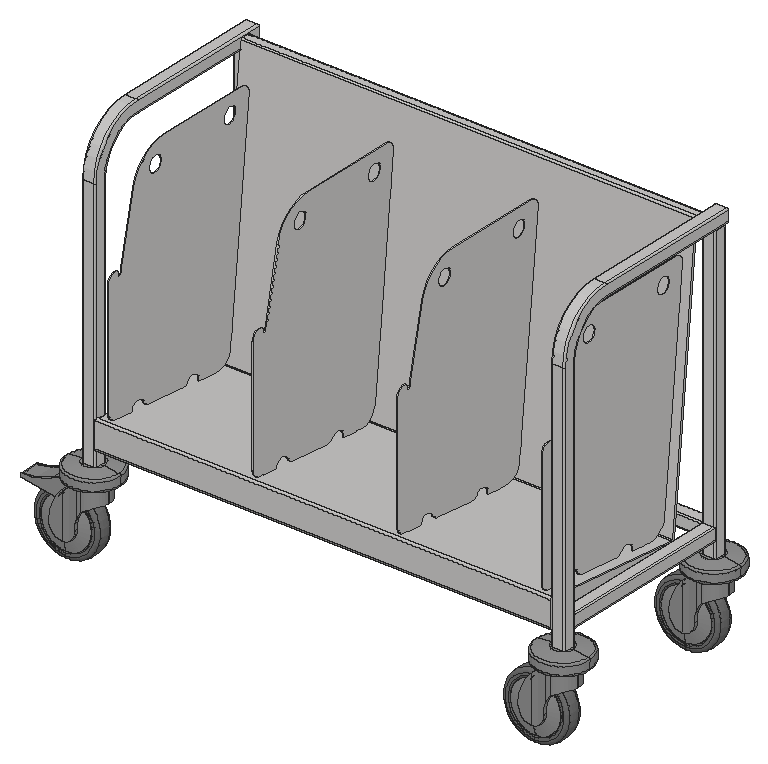
Revit family "QF_BPRO_TWH 1N_575181", category Sonderausstattung, Revit 2018
Family settings
  Bemaßung runder Anschluss = Durchmesser verwenden
  Teiletyp = Normal
  Arbeitsebenenbasiert = Nein
  Immer vertikal = Ja
  Beim Laden mit Abzugskörper schneiden = Nein
  Gemeinsam genutzt = Nein
  Raumberechnungspunkt = Nein
Parameters (values of type "TWH 1N")
  Zubehör = yes
  Warnhinweise = ""
  URL = "https://www.bpro-solutions.com/"
  Typenkommentare = "Tellerwagen"
  Tiefe = 456 mm
  Modell = "TWH 1N"
  Material Stoßschutz = QF_Plastic-Dark_Grey-Matt
  Material Rollen = QF_Plastic-Dark_Grey-Matt
  Material = QF_Metal-Stainless-Steel_general
  Länge Gerätebreite = 984 mm
  Kosten = 697.6
  Internetadresse für Ersatzteilliste = ""
  Internetadresse Gerätehersteller = "https://www.bpro-solutions.com/"
  ID [instance] = ""
  Höhe = 750 mm
  Hersteller = "B.PRO GmbH"
  Großküchengerätezuordnung = yes
  Gerätegewicht Netto = 10.00 kg
  Freiraum [instance] = no
  CE Kennzeichnung = yes
  Beschreibung durch Hersteller analog Leistungsverzeichnislangtext = "Abmessungen\n\nLänge:\t\t\t984 mm\nBreite:\t\t456 mm  \nHöhe:\t\t750 mm\n\n\nAusführung\n\nDer Tellerwagen ist komplett aus CNS 18/10 hergestellt. Das Rahmengestell besteht aus stabilem Vierkantrohr 25x25 mm. Dazwischen befindet sich die verschweißte Rückwand und das schräg zur Rückwand geneigte Abstellbord.\nAnhand der 4 einhängbaren Trennbleche lassen sich mithilfe des Lochrasters im Boden und der Rückwand die jeweiligen Tellergrößen flexibel einstellen.\nDer Wagen ist einseitig beschickbar und passend für Teller mit einem Durchmesser bis max. 260 mm. \n\nDer Tellerwagen ist fahrbar mittels rostfreien Kunststoffrollen gemäß DIN 18867-8 (4 Lenkrollen, davon 2 mit Feststeller, Rollendurchmesser 125 mm). An allen vier Ecken befinden sich runde Wandabweiser.\n\n\nTechnische Daten\n\nWerkstoff:\tCNS 18/10\t\nGesamttragfähigkeit:\t120 kg\t\nKapazität:\t150 Teller, passend für \tTeller max. 260 mm \n\t\n\nBesonderheit\n\n•\tInkl. 4 einhängbarenTrennblechen zur flexiblen Einstellung der gewünschten Tellergröße\n\n\nFabrikat\n\nHersteller:\t\t\tB.PRO\nModell:\tTWH 1N\nBest.Nr.\t575 181"
  Description = "TWH 1N\nTellerwagen für 1-seitige Beschickung,\nniedrige Ausführung,\nkomplett aus rostfreiem Edelstahl,\ninkl. 4 einhängbaren Trennblechen zur\nflexiblen Einstellung auf die jeweilige\nTellergröße,\nBordmaß: 858 x 288 mm\nEntnahmehöhe unten: 255 mm\nFassungsvermögen: bis zu 150 Teller,\nø 26 cm"
  Artikel Nummer = "575181"
Reference planes
  plane 1 "Mitte (Vorne/hinten)": y = 0
  plane 2: z = 0
  plane 3 "Mitte (Links/rechts)": x = 0
  plane 4 "v": x = -441.5
  plane 5 "h": x = 441.5
  plane 6 "l": y = -177.5
  plane 7 "r": y = 177.5
  plane 8: x = 454
  plane 9: x = 429
  plane 10: y = 190
  plane 11: y = 165
Forms (mm)
  Extrusion 1, solid, visible <- "Freiraum"
    sketch origin (-330, 330.009, 0) x (1, 0, 0) y (0, 1, 0)
      loop
        line (-162.019, -101.991) -> (-162.019, -558.028) -> (822.019, -558.028) -> (822.019, -101.991) -> (-162.019, -101.991)
    from 0 to 750
  Extrusion 2, solid, material "QF_Metal-Stainless-Steel_general" <- "Material"
    sketch origin (0, 0, 0) x (1, 0, 0) y (0, 0, 1)
      loop
        arc (-451, 226) -> (-453.121, 225.121) -> (-454, 223) r 3
        line (-454, 223) -> (-454, 204)
        arc (-454, 204) -> (-453.121, 201.879) -> (-451, 201) r 3
        line (-451, 201) -> (-432, 201)
        arc (-432, 201) -> (-429.879, 201.879) -> (-429, 204) r 3
        line (-429, 204) -> (-429, 223)
        arc (-429, 223) -> (-429.879, 225.121) -> (-432, 226) r 3
        line (-432, 226) -> (-451, 226)
      loop
        line (451, 226) -> (432, 226)
        arc (432, 226) -> (429.879, 225.121) -> (429, 223) r 3
        line (429, 223) -> (429, 204)
        arc (429, 204) -> (429.879, 201.879) -> (432, 201) r 3
        line (432, 201) -> (451, 201)
        arc (451, 201) -> (453.121, 201.879) -> (454, 204) r 3
        line (454, 204) -> (454, 223)
        arc (454, 223) -> (453.121, 225.121) -> (451, 226) r 3
    from -165 to 165
  Extrusion 3, solid, material "QF_Metal-Stainless-Steel_general" <- "Material"
    sketch origin (0, 0, 0) x (0, 1, 0) y (0, 0, 1)
      loop
        arc (168, 226) -> (165.879, 225.121) -> (165, 223) r 3
        line (165, 223) -> (165, 204)
        arc (165, 204) -> (165.879, 201.879) -> (168, 201) r 3
        line (168, 201) -> (187, 201)
        arc (187, 201) -> (189.121, 201.879) -> (190, 204) r 3
        line (190, 204) -> (190, 223)
        arc (190, 223) -> (189.121, 225.121) -> (187, 226) r 3
        line (187, 226) -> (168, 226)
    from -429 to 429
  Extrusion 4, solid, material "QF_Metal-Stainless-Steel_general" <- "Material"
    sketch origin (0, 0, 0) x (0, 1, 0) y (0, 0, 1)
      loop
        line (-168, 200.156) -> (-168, 201.656) -> (-186.545, 201.656)
        arc (-186.545, 201.656) -> (-187.927, 202.229) -> (-188.5, 203.612) r 1.955
        line (-188.5, 203.612) -> (-188.5, 251.236)
        arc (-188.5, 251.236) -> (-187.828, 252.745) -> (-186.258, 253.255) r 2.03
        line (-186.258, 253.255) -> (94.933, 223.7)
        arc (94.933, 223.7) -> (97.5, 224.461) -> (98.777, 226.813) r 3.498
        line (98.777, 226.813) -> (153.047, 743.162)
        arc (153.047, 743.162) -> (153.698, 744.44) -> (155.036, 744.953) r 2
        line (155.036, 744.953) -> (168.889, 744.953)
        arc (168.889, 744.953) -> (170.3, 744.369) -> (170.885, 742.957) r 1.996
        line (170.885, 742.957) -> (170.885, 731.453) -> (172.385, 731.453) -> (172.385, 742.957)
        arc (172.385, 742.957) -> (171.361, 745.429) -> (168.889, 746.453) r 3.496
        line (168.889, 746.453) -> (155.036, 746.453)
        arc (155.036, 746.453) -> (152.695, 745.554) -> (151.556, 743.319) r 3.5
        line (151.556, 743.319) -> (97.285, 226.97)
        arc (97.285, 226.97) -> (96.556, 225.626) -> (95.09, 225.192) r 1.998
        line (95.09, 225.192) -> (-186.101, 254.747)
        arc (-186.101, 254.747) -> (-188.832, 253.859) -> (-190, 251.236) r 3.53
        line (-190, 251.236) -> (-190, 203.612)
        arc (-190, 203.612) -> (-188.988, 201.168) -> (-186.545, 200.156) r 3.455
        line (-186.545, 200.156) -> (-168, 200.156)
    from -429 to 429
  Extrusion 5, solid, material "QF_Metal-Stainless-Steel_general" <- "Material"
    sketch origin (0, 0, 0) x (0, 1, 0) y (0, 0, 1)
      loop
        line (-187, 224.676) -> (-19.744, 207.096) -> (85.814, 205.254)
        arc (85.814, 205.254) -> (92.615, 207.763) -> (95.934, 214.207) r 10
        line (95.934, 214.207) -> (96.91, 223.493) -> (-186.617, 253.292) -> (-187, 251.322) -> (-187, 224.676)
    from 427.5 to 429
  Extrusion 6, solid, material "QF_Metal-Stainless-Steel_general" <- "Material"
    sketch origin (0, 0, 0) x (0, 1, 0) y (0, 0, -1)
      loop
        line (-187, -224.676) -> (-187, -251.322) -> (-186.617, -253.292) -> (96.91, -223.493) -> (95.934, -214.207)
        arc (95.934, -214.207) -> (92.615, -207.763) -> (85.814, -205.254) r 10
        line (85.814, -205.254) -> (-19.744, -207.096) -> (-187, -224.676)
    from 427.5 to 429
  Extrusion 7, solid, material "QF_Metal-Stainless-Steel_general" <- "Material"
    sketch origin (0, 0, 0) x (1, 0, 0) y (0, 1, 0)
      loop
        line (451, 190) -> (432, 190)
        arc (432, 190) -> (429.879, 189.121) -> (429, 187) r 3
        line (429, 187) -> (429, 168)
        arc (429, 168) -> (429.879, 165.879) -> (432, 165) r 3
        line (432, 165) -> (451, 165)
        arc (451, 165) -> (453.121, 165.879) -> (454, 168) r 3
        line (454, 168) -> (454, 187)
        arc (454, 187) -> (453.121, 189.121) -> (451, 190) r 3
    from 161 to 725
  Extrusion 8, solid, material "QF_Metal-Stainless-Steel_general" <- "Material"
    sketch origin (0, 0, 0) x (-1, 0, 0) y (0, -1, 0)
      loop
        arc (451, -190) -> (453.121, -189.121) -> (454, -187) r 3
        line (454, -187) -> (454, -168)
        arc (454, -168) -> (453.121, -165.879) -> (451, -165) r 3
        line (451, -165) -> (432, -165)
        arc (432, -165) -> (429.879, -165.879) -> (429, -168) r 3
        line (429, -168) -> (429, -187)
        arc (429, -187) -> (429.879, -189.121) -> (432, -190) r 3
        line (432, -190) -> (451, -190)
    from 161 to 725
  Sweep 9, solid, material "QF_Metal-Stainless-Steel_general" <- "Material"
    path origin (0, 0, 0) x (0, 1, 0) y (0, 0, 1)
      loop
        line (195, 737.5) -> (-90, 737.5)
        arc (-90, 737.5) -> (-151.872, 711.872) -> (-177.5, 650) r 87.5
        line (-177.5, 650) -> (-177.5, 161)
    profile origin (0, 52.5, 737.5) x (0, 0, -1) y (1, 0, 0)
      loop
        arc (-12.5, -451) -> (-11.621, -453.121) -> (-9.5, -454) r 3
        line (-9.5, -454) -> (9.5, -454)
        arc (9.5, -454) -> (11.621, -453.121) -> (12.5, -451) r 3
        line (12.5, -451) -> (12.5, -432)
        arc (12.5, -432) -> (11.621, -429.879) -> (9.5, -429) r 3
        line (9.5, -429) -> (-9.5, -429)
        arc (-9.5, -429) -> (-11.621, -429.879) -> (-12.5, -432) r 3
        line (-12.5, -432) -> (-12.5, -451)
  Sweep 10, solid, material "QF_Metal-Stainless-Steel_general" <- "Material"
    path origin (0, 0, 0) x (0, 1, 0) y (0, 0, -1)
      loop
        line (195, -737.5) -> (-90, -737.5)
        arc (-90, -737.5) -> (-151.872, -711.872) -> (-177.5, -650) r 87.5
        line (-177.5, -650) -> (-177.5, -161)
    profile origin (0, 52.5, 737.5) x (0, 0, 1) y (-1, 0, 0)
      loop
        line (12.5, -451) -> (12.5, -432)
        arc (12.5, -432) -> (11.621, -429.879) -> (9.5, -429) r 3
        line (9.5, -429) -> (-9.5, -429)
        arc (-9.5, -429) -> (-11.621, -429.879) -> (-12.5, -432) r 3
        line (-12.5, -432) -> (-12.5, -451)
        arc (-12.5, -451) -> (-11.621, -453.121) -> (-9.5, -454) r 3
        line (-9.5, -454) -> (9.5, -454)
        arc (9.5, -454) -> (11.621, -453.121) -> (12.5, -451) r 3
Cuts and joins
  joined: Extrusion 7, Sweep 10
  joined: Extrusion 8, Sweep 9
Dimensions and locks
  aligned and locked: level to plane 2
Nested families
  nested 1: "Rolle_125mm_Typ1_1" at (-441.5, 177.5, 0) x (0, -1, 0) z (0, 0, 1), type "Bremse ohne Platte"
  nested 2: "Rolle_125mm_Typ1_1" at (-441.5, -177.5, 0) x (0, -1, 0) z (0, 0, 1), type "Bremse ohne Platte"
  nested 3: "Rolle_125mm_Typ1_1" at (441.5, -177.5, 0) x (0, -1, 0) z (0, 0, 1), type "ohne Bremse ohne Platte"
  nested 4: "Rolle_125mm_Typ1_1" at (441.5, 177.5, 0) x (0, -1, 0) z (0, 0, 1), type "ohne Bremse ohne Platte"
  nested 5: "Stoßschutz_Typ1" at (441.5, 177.5, 173), type "Stoßschutz_Typ1"
  nested 6: "Stoßschutz_Typ1" at (441.5, -177.5, 173), type "Stoßschutz_Typ1"
  nested 7: "Stoßschutz_Typ1" at (-441.5, -177.5, 173), type "Stoßschutz_Typ1"
  nested 8: "Stoßschutz_Typ1" at (-441.5, 177.5, 173), type "Stoßschutz_Typ1"
  nested 9: "Trennwand_Typ1" at (-408, -185.368, 226), type "Trennwand_Typ1"
  nested 10: "Trennwand_Typ1" at (-136, -185.368, 226), type "Trennwand_Typ1"
  nested 11: "Trennwand_Typ1" at (136, -185.368, 226), type "Trennwand_Typ1"
  nested 12: "Trennwand_Typ1" at (408, -185.368, 226), type "Trennwand_Typ1"
Definition of nested family "Rolle_125mm_Typ1_1"
  Parameters (values of type "Bremse ohne Platte")
    Meterial Felge = none
    Material Rolle = none
    Material Korpus = none
    Bremse = yes
    Befestigungsplatte = no
  Types (4, lengths in mm): name | Bremse | Befestigungsplatte
    Bremse und Platte | yes | yes
    Bremse ohne Platte | yes | no
    ohne Bremse mit Platte | no | yes
    ohne Bremse ohne Platte | no | no
  Reference planes
    plane 1 "Mitte (Vorne/hinten)": y = 0
    plane 2: z = 0
    plane 3 "Mitte (Links/rechts)": x = 0
    plane 4 "achse": y = -40.006
    plane 5: y = -27.583
    plane 6: y = 27.583
    plane 7: x = -19.406
    plane 8: x = 19.406
  Forms (mm)
    Extrusion 1, solid, material <- "Material Korpus"
      sketch origin (0, 0, 0) x (0, 1, 0) y (0, 0, 1)
        loop
          arc (29.483, 153.125) -> (-36.251, 126.766) -> (-66.01, 62.5) r 95.978
          arc (-66.01, 62.5) -> (-40.006, 36.495) -> (-14.001, 62.5) r 26.005
          arc (-14.001, 62.5) -> (-2.667, 96.712) -> (29.483, 112.998) r 47.282
          line (29.483, 112.998) -> (29.483, 153.125)
      from -29.5 to 29.5
    Extrusion 2, void
      sketch origin (0, 0, 0) x (1, 0, 0) y (0, 1, 0)
        loop
          arc (29.5, 0) -> (29.227, -5.123) -> (28.412, -10.188) r 48.241
          arc (28.412, -10.188) -> (26.103, -25.015) -> (25.536, -40.009) r 128.719
          arc (25.536, -40.009) -> (24.89, -53.073) -> (22.96, -66.01) r 132.493
          line (22.96, -66.01) -> (22.96, -71.01) -> (32.96, -71.01) -> (32.96, 33.99) -> (-32.96, 33.99) -> (-32.96, -71.01) -> (-22.96, -71.01) -> (-22.96, -66.01)
          arc (-22.96, -66.01) -> (-24.89, -53.073) -> (-25.536, -40.009) r 132.493
          arc (-25.536, -40.009) -> (-26.103, -25.015) -> (-28.412, -10.188) r 128.719
          arc (-28.412, -10.188) -> (-29.227, -5.123) -> (-29.5, 0) r 48.241
          arc (-29.5, 0) -> (0, 29.5) -> (29.5, 0) r 29.5
        loop
          arc (24.5, 0) -> (0, 24.5) -> (-24.5, 0) r 24.5
          arc (-24.5, 0) -> (-24.255, -4.592) -> (-23.525, -9.132) r 43.241
          arc (-23.525, -9.132) -> (-21.129, -24.509) -> (-20.536, -40.06) r 133.719
          arc (-20.536, -40.06) -> (-19.888, -52.85) -> (-17.96, -65.51) r 127.493
          line (-17.96, -65.51) -> (-17.96, -76.01) -> (17.96, -76.01) -> (17.96, -65.51)
          arc (17.96, -65.51) -> (19.888, -52.85) -> (20.536, -40.06) r 127.493
          arc (20.536, -40.06) -> (21.129, -24.509) -> (23.525, -9.132) r 133.719
          arc (23.525, -9.132) -> (24.255, -4.592) -> (24.5, 0) r 43.241
      from 0 to 161.3
    Extrusion 3, solid, material <- "Material Korpus"
      sketch origin (0, 0, 0) x (1, 0, 0) y (0, 1, 0)
        loop
          circle (0, 0) r 27.583
        loop
          circle (0, 0) r 22.583
      from 132.308 to 154.969
    Extrusion 4, void
      sketch origin (0, 0, 0) x (0, 1, 0) y (0, 0, 1)
        loop
          arc (29.483, 148.125) -> (-1.46, 142.58) -> (-28.669, 126.834) r 90.978
          line (-28.669, 126.834) -> (29.483, 126.834) -> (29.483, 148.125)
      from -30 to 30
    Extrusion 5, solid, material <- "Material Korpus"
      sketch origin (0, 0, 0) x (0, 1, 0) y (0, 0, 1)
        loop
          arc (0, 148.376) -> (-26.751, 134.682) -> (-47.956, 113.387) r 95.978
          line (-47.956, 113.387) -> (-43.905, 110.457)
          arc (-43.905, 110.457) -> (-24.464, 130.157) -> (0, 143.1) r 90.978
          line (0, 143.1) -> (0, 148.376)
      from -23.033 to 23
    Extrusion 6, void
      sketch origin (0, 0, 0) x (1, 0, 0) y (0, 1, 0)
        loop
          circle (-0.017, 0) r 22.583
      from 106.63 to 154.969
    Extrusion 7, void
      sketch origin (0, 0, 0) x (1, 0, 0) y (0, 1, 0)
        loop
          line (-20.288, -47.956) -> (-20.288, -52.956) -> (20.288, -52.956) -> (20.288, -47.956)
          arc (20.288, -47.956) -> (0, -27.669) -> (-20.288, -47.956) r 20.288
      from 83.979 to 153.125
    Revolve 8, solid, material <- "Material Korpus"
      sketch origin (0, 0, 0) x (0, 1, 0) y (0, 0, 1)
        loop
          line (-27.583, 155.817) -> (-22.583, 155.817) -> (-22.583, 154.969) -> (0, 154.969) -> (0, 160.495) -> (-27.583, 160.495) -> (-27.583, 155.817)
        axis (0, 160.495) -> (0, 154.969)
      angle from 0 to 360
    Extrusion 9, solid, material <- "Material Korpus", visible <- "Befestigungsplatte"
      sketch origin (0, 0, 0) x (1, 0, 0) y (0, 1, 0)
        loop
          line (30, 47.5) -> (-30, 47.5)
          arc (-30, 47.5) -> (-33.536, 46.036) -> (-35, 42.5) r 5
          line (-35, 42.5) -> (-35, -42.5)
          arc (-35, -42.5) -> (-33.536, -46.036) -> (-30, -47.5) r 5
          line (-30, -47.5) -> (30, -47.5)
          arc (30, -47.5) -> (33.536, -46.036) -> (35, -42.5) r 5
          line (35, -42.5) -> (35, 42.5)
          arc (35, 42.5) -> (33.536, 46.036) -> (30, 47.5) r 5
      from 158.8 to 161.3
    Revolve 10, solid, material <- "Material Rolle"
      sketch origin (0, -40.006, 0) x (0, 0, -1) y (1, 0, 0)
        loop
          line (-62.5, -12.996) -> (-14.712, -12.996) -> (-14.629, -14.183)
          arc (-14.629, -14.183) -> (-14.012, -15.475) -> (-12.68, -16) r 1.953
          line (-12.68, -16) -> (-7.356, -16)
          arc (-7.356, -16) -> (-3.064, -14.525) -> (-0.584, -10.724) r 6.984
          arc (-0.584, -10.724) -> (0.747, 0) -> (-0.584, 10.724) r 43.854
          arc (-0.584, 10.724) -> (-3.064, 14.525) -> (-7.356, 16) r 6.984
          line (-7.356, 16) -> (-12.68, 16)
          arc (-12.68, 16) -> (-14.012, 15.475) -> (-14.629, 14.183) r 1.953
          line (-14.629, 14.183) -> (-14.712, 12.996) -> (-62.5, 12.996) -> (-62.5, -12.996)
        axis (-62.5, -16) -> (-62.5, 16)
      angle from 0 to 360
    Revolve 11, solid, material <- "Meterial Felge"
      sketch origin (0, -40.006, 0) x (0, 0, -1) y (1, 0, 0)
        loop
          arc (-62.5, -22.767) -> (-38.311, -20.846) -> (-14.712, -15.198) r 156.034
          line (-14.712, -15.198) -> (-14.712, 15.198)
          arc (-14.712, 15.198) -> (-38.311, 20.846) -> (-62.5, 22.767) r 156.034
          line (-62.5, 22.767) -> (-62.5, -22.767)
        axis (-62.5, -22.767) -> (-62.5, 22.767)
      angle from 0 to 360
    Extrusion 12, solid, material <- "Material Korpus", visible <- "Bremse"
      sketch origin (0, 0, 0) x (0, 1, 0) y (0, 0, 1)
        loop
          arc (-49.4, 105.824) -> (-29.128, 129.052) -> (-2.377, 144.374) r 92.978
          line (-2.377, 144.374) -> (-24.983, 146.448)
          arc (-24.983, 146.448) -> (-43.484, 142.245) -> (-61.13, 135.276) r 124.365
          arc (-61.13, 135.276) -> (-90.048, 124.527) -> (-120.492, 119.527) r 160.001
          arc (-120.492, 119.527) -> (-121.721, 118.993) -> (-122.334, 117.801) r 1.991
          line (-122.334, 117.801) -> (-123.025, 112.581) -> (-49.4, 105.824)
      from -25 to 25
    Extrusion 13, void
      sketch origin (0, 0, 0) x (1, 0, 0) y (0, 1, 0)
        loop
          line (-24.687, -2.377) -> (-40, -2.377) -> (-40, -137.377) -> (-17.56, -137.377)
          arc (-17.56, -137.377) -> (-23.153, -69.984) -> (-24.687, -2.377) r 1125.228
        loop
          arc (-21.687, -2.377) -> (-20.149, -69.984) -> (-14.54, -137.377) r 1122.228
          line (-14.54, -137.377) -> (14.54, -137.377)
          arc (14.54, -137.377) -> (20.149, -69.984) -> (21.687, -2.377) r 1122.228
          line (21.687, -2.377) -> (-21.687, -2.377)
        loop
          arc (24.687, -2.377) -> (23.153, -69.984) -> (17.56, -137.377) r 1125.228
          line (17.56, -137.377) -> (40, -137.377) -> (40, -2.377) -> (24.687, -2.377)
      from 100.163 to 161.8
    Extrusion 14, void
      sketch origin (0, 0, 0) x (1, 0, 0) y (0, 1, 0)
        loop
          circle (0, 0) r 27.583
      from 83.929 to 175.029
    Extrusion 15, solid, material <- "Material Korpus", visible <- "Bremse"
      sketch origin (0, 0, 0) x (0, 1, 0) y (0, 0, 1)
        loop
          line (-12.244, 145.279) -> (-24.983, 146.448)
          arc (-24.983, 146.448) -> (-43.484, 142.245) -> (-61.13, 135.276) r 124.365
          arc (-61.13, 135.276) -> (-90.048, 124.527) -> (-120.492, 119.527) r 160.001
          arc (-120.492, 119.527) -> (-121.721, 118.993) -> (-122.334, 117.801) r 1.991
          line (-122.334, 117.801) -> (-123.013, 112.668) -> (-120.843, 112.381) -> (-120.293, 116.533)
          arc (-120.293, 116.533) -> (-89.279, 121.627) -> (-59.819, 132.578) r 163.001
          arc (-59.819, 132.578) -> (-42.769, 139.326) -> (-24.897, 143.428) r 121.365
          line (-24.897, 143.428) -> (-12.244, 142.267) -> (-12.244, 145.279)
      from -30 to 30
    Extrusion 16, void
      sketch origin (0, 0, 0) x (1, 0, 0) y (0, 1, 0)
        loop
          line (-21.718, -9.744) -> (-35.589, -9.744) -> (-35.589, -127.783) -> (-15.589, -127.783)
          arc (-15.589, -127.783) -> (-20.208, -68.844) -> (-21.718, -9.744) r 1122.228
        loop
          line (15.589, -127.783) -> (35.589, -127.783) -> (35.589, -9.744) -> (21.718, -9.744)
          arc (21.718, -9.744) -> (20.208, -68.844) -> (15.589, -127.783) r 1122.228
      from 95.424 to 163.646
  Cuts and joins
    Extrusion 2 cuts Extrusion 1
    Extrusion 4 cuts Extrusion 3
    Extrusion 6, Extrusion 7 cuts Extrusion 5
    joined: Extrusion 1, Extrusion 3, Extrusion 5
    Extrusion 13, Extrusion 14 cuts Extrusion 12
    Extrusion 14, Extrusion 16 cuts Extrusion 15
  Dimensions and locks
    aligned and locked: level to plane 2
Definition of nested family "Stoßschutz_Typ1"
  Parameters (values of type "Stoßschutz_Typ1")
    Material = none
  Reference planes
    plane 1 "Mitte (Vorne/hinten)": y = 0
    plane 2: z = 0
    plane 3 "Mitte (Links/rechts)": x = 0
    plane 4: z = -13.387
  Forms (mm)
    Revolve 1, solid, material <- "Material"
      sketch origin (0, 0, 0) x (1, 0, 0) y (0, 0, 1)
        loop
          line (0, 0) -> (-20.142, 0)
          arc (-20.142, 0) -> (-33.904, -1.519) -> (-47.593, -3.59) r 344.486
          arc (-47.593, -3.59) -> (-49.69, -4.792) -> (-50.519, -7.062) r 3.522
          line (-50.519, -7.062) -> (-50.519, -22)
          arc (-50.519, -22) -> (-49.933, -23.414) -> (-48.519, -24) r 2
          line (-48.519, -24) -> (-47.519, -24) -> (-47.519, -6.622)
          arc (-47.519, -6.622) -> (-33.8, -4.531) -> (-20.007, -3) r 341.486
          line (-20.007, -3) -> (0, -3) -> (0, 0)
        axis (0, -24) -> (0, 0)
      angle from 0 to 360
  Dimensions and locks
    aligned and locked: level to plane 2
Definition of nested family "Trennwand_Typ1"
  Parameters (values of type "Trennwand_Typ1")
    Material = none
  Reference planes
    plane 1 "Mitte (Vorne/hinten)": y = 0
    plane 2: z = 0
    plane 3 "Mitte (Links/rechts)": x = 0
  Forms (mm)
    Extrusion 1, solid, material <- "Material"
      sketch origin (0, 0, 0) x (0, 1, 0) y (0, 0, 1)
        loop
          line (313.868, 456.463) -> (131.93, 456.463)
          arc (131.93, 456.463) -> (85.155, 440.09) -> (58.803, 398.118) r 75
          line (58.803, 398.118) -> (30.768, 275.019) -> (29.932, 267.063)
          arc (29.932, 267.063) -> (25.426, 263.414) -> (21.777, 267.92) r 4.1
          line (21.777, 267.92) -> (22.238, 272.304) -> (19.523, 275.019) -> (15, 275.019)
          arc (15, 275.019) -> (4.393, 270.626) -> (0, 260.019) r 15
          line (0, 260.019) -> (0, 42.176)
          arc (0, 42.176) -> (3.853, 32.139) -> (13.432, 27.258) r 15
          line (13.432, 27.258) -> (24.565, 26.088) -> (23.723, 18.083)
          arc (23.723, 18.083) -> (24.582, 15.183) -> (27.24, 13.74) r 3.951
          line (27.24, 13.74) -> (48.132, 11.545)
          arc (48.132, 11.545) -> (51.098, 12.423) -> (52.574, 15.142) r 4.042
          line (52.574, 15.142) -> (53.406, 23.056)
          arc (53.406, 23.056) -> (65.429, 36.177) -> (81.491, 28.515) r 14.959
          arc (81.491, 28.515) -> (86.32, 21.872) -> (93.935, 18.797) r 14.902
          line (93.935, 18.797) -> (172.046, 10.587)
          arc (172.046, 10.587) -> (180.134, 12.012) -> (186.238, 17.506) r 14.902
          arc (186.238, 17.506) -> (203.542, 21.66) -> (212.574, 6.327) r 14.959
          line (212.574, 6.327) -> (211.733, -1.678)
          arc (211.733, -1.678) -> (212.592, -4.577) -> (215.25, -6.02) r 3.951
          line (215.25, -6.02) -> (236.142, -8.216)
          arc (236.142, -8.216) -> (239.108, -7.338) -> (240.584, -4.619) r 4.042
          line (240.584, -4.619) -> (241.416, 3.296) -> (252.609, 2.119)
          arc (252.609, 2.119) -> (274.624, 8.641) -> (285.58, 28.819) r 30
          line (285.58, 28.819) -> (287.566, 47.71) -> (290.05, 47.449) -> (289.748, 44.573)
          arc (289.748, 44.573) -> (290.114, 43.05) -> (291.478, 42.278) r 1.965
          line (291.478, 42.278) -> (293.013, 42.117)
          arc (293.013, 42.117) -> (295.947, 42.986) -> (297.407, 45.675) r 3.998
          line (297.407, 45.675) -> (299.198, 62.719)
          arc (299.198, 62.719) -> (298.271, 65.57) -> (295.624, 66.978) r 4.002
          line (295.624, 66.978) -> (289.657, 67.605) -> (321.537, 370.93) -> (324.022, 370.669) -> (323.72, 367.793)
          arc (323.72, 367.793) -> (324.086, 366.269) -> (325.449, 365.498) r 1.965
          line (325.449, 365.498) -> (326.984, 365.336)
          arc (326.984, 365.336) -> (329.918, 366.206) -> (331.379, 368.895) r 3.998
          line (331.379, 368.895) -> (333.17, 385.938)
          arc (333.17, 385.938) -> (332.243, 388.79) -> (329.596, 390.198) r 4.002
          line (329.596, 390.198) -> (323.628, 390.825) -> (328.786, 439.896)
          arc (328.786, 439.896) -> (325.015, 451.5) -> (313.868, 456.463) r 15
        loop
          circle (109.586, 416.429) r 15
        loop
          circle (284.586, 421.038) r 15
      from -1 to 1
  Dimensions and locks
    aligned and locked: level to plane 2
